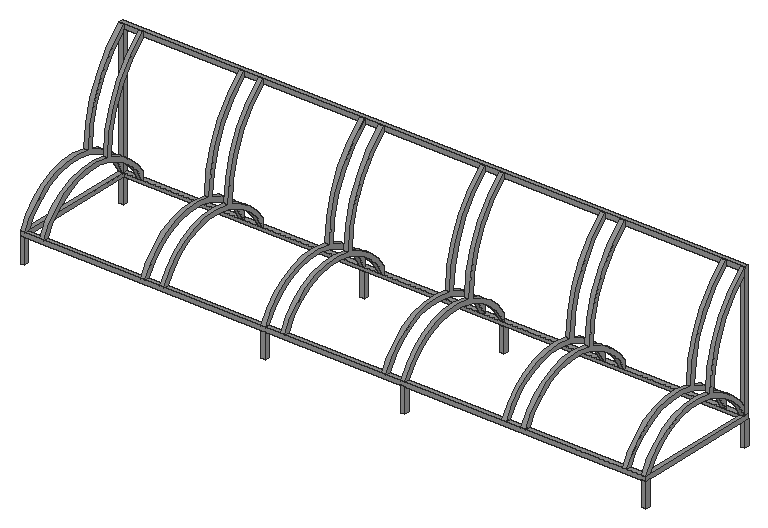
Revit family "8480 Велопарковка VELO-4 Хоббика", category Антураж, Revit 2018
Family settings
  На основе рабочей плоскости = Нет
  Всегда вертикально = Да
  При загрузке вырезать с полостями = Нет
  Источник визуального образа = Геометрия семейства
  Общий = Нет
  Точка расчета площади = Нет
Parameters (values of type "6 мест")
  Ширина = 600 mm  # constant formula
  Цвет каркаса = Сталь
  Описание = if([4 места], "Велопарковка VELO-4. Версия 4 места", "Велопарковка VELO-4. Версия 6 мест")  # "Велопарковка VELO-4. Версия 6 мест"
  Материал изделия = "Сталь"  # constant formula
  Кол-во мест = if([4 места], 4, 6)  # 6
  Изображение типоразмера = Велопарковка VELO-4 Арт 8480.jpg
  Изготовитель = "ООО «Хоббика»"  # constant formula
  Длина = if([4 места], 1850 mm, 2935 mm)  # 2935 mm
  Группа модели = "Велопарковки"  # constant formula
  Высота = 760 mm  # constant formula
  Артикул товара = "Арт. 8480"  # constant formula
  URL = "https://hobbyka.ru/product/veloparkovka_velo4_na_4_mesta/"
  6 мест = not([4 места])  # yes
  4 места = no
Types (3, lengths in mm): name | Описание | Кол-во мест | Длина | 6 мест | 4 места
  (no name) | "Велопарковка VELO-4. Версия 6 мест" | 6 | 2935 | yes | no
  4 места | "Велопарковка VELO-4. Версия 4 места" | 4 | 1850 | no | yes
  6 мест | "Велопарковка VELO-4. Версия 6 мест" | 6 | 2935 | yes | no
Reference planes
  plane 1 "По центру (Вперед/Назад)": y = 0
  plane 2: z = 0
  plane 3 "По центру (Влево/Вправо)": x = 0
  plane 4: x = 2935
  plane 5: y = 600
  plane 6: z = 760
Forms (mm)
  Extrusion 1, solid, material "Сталь" <- "Цвет каркаса"
    sketch origin (0, 0, 0) x (1, 0, 0) y (0, 1, 0)
      loop
        line (0, 600) -> (0, 0) -> (2935, 0) -> (2935, 600) -> (0, 600)
      loop
        line (20, 580) -> (20, 20) -> (2915, 20) -> (2915, 580) -> (20, 580)
    from 115 to 135
  Extrusion 2, solid, material "Сталь" <- "Цвет каркаса"
    sketch origin (0, 0, 0) x (1, 0, 0) y (0, 1, 0)
      loop
        line (20, 580) -> (20, 600) -> (0, 600) -> (0, 580) -> (20, 580)
      loop
        line (20, 20) -> (0, 20) -> (0, 0) -> (20, 0) -> (20, 20)
      loop
        line (2915, 580) -> (2935, 580) -> (2935, 600) -> (2915, 600) -> (2915, 580)
      loop
        line (2915, 20) -> (2915, 0) -> (2935, 0) -> (2935, 20) -> (2915, 20)
    from 0 to 115
  Extrusion 3, solid, material "Сталь" <- "Цвет каркаса", visible <- "6 мест"
    sketch origin (0, 0, 0) x (1, 0, 0) y (0, 1, 0)
      loop
        line (1150, 580) -> (1150, 600) -> (1130, 600) -> (1130, 580) -> (1150, 580)
      loop
        line (1150, 20) -> (1130, 20) -> (1130, 0) -> (1150, 0) -> (1150, 20)
      loop
        line (1805, 580) -> (1805, 600) -> (1785, 600) -> (1785, 580) -> (1805, 580)
      loop
        line (1805, 20) -> (1785, 20) -> (1785, 0) -> (1805, 0) -> (1805, 20)
    from 0 to 115
  Extrusion 4, solid, material "Сталь" <- "Цвет каркаса"
    sketch origin (0, 0, 0) x (1, 0, 0) y (0, 0, 1)
      loop
        line (0, 760) -> (0, 135) -> (20, 135) -> (20, 740) -> (2915, 740) -> (2915, 135) -> (2935, 135) -> (2935, 760) -> (0, 760)
    from -600 to -580
Dimensions and locks
  "Ширина": plane 5 to plane 1 "По центру (Вперед/Назад)"
  "Длина": plane 3 "По центру (Влево/Вправо)" to plane 4
  equal spacing: group 1, group 3, group 4, group 5, group 6, group 2  (x3)
  locked: plane 3 "По центру (Влево/Вправо)" to Extrusion 1 sketch curve at 20
  locked: Extrusion 1 sketch curve to plane 4 at 20
  plane 3 "По центру (Влево/Вправо)" to Extrusion 3 sketch curve to Extrusion 3 sketch curve to Extrusion 3 sketch curve to Extrusion 3 sketch curve = 1130 mm locked, 20 mm locked, 635 mm locked, 20 mm locked  (x2)
  "Высота": plane 6 to plane 2
  locked: plane 4 to Extrusion 4 sketch curve at 20
  aligned and locked: level to plane 2
  aligned and locked: plane 1 "По центру (Вперед/Назад)" to nested 1
  aligned and locked: plane 3 "По центру (Влево/Вправо)" to nested 1
  aligned and locked: plane 4 to nested 2
  aligned and locked: Extrusion 2 to Extrusion 1  (x6)
  aligned and locked: Extrusion 4 sketch curve to plane 3 "По центру (Влево/Вправо)"
  aligned and locked: Extrusion 4 sketch curve to plane 4
  aligned and locked: Extrusion 4 sketch curve to plane 6
Automatic sketch dimensions
  plane 1 "По центру (Вперед/Назад)" to Extrusion 1 sketch curve = 0 mm
  Extrusion 1 sketch curve to plane 3 "По центру (Влево/Вправо)" = 0 mm
  Extrusion 1 sketch curve to plane 4 = 0 mm
  Extrusion 1 sketch curve to plane 5 = 0 mm
  Extrusion 1 sketch curve to plane 5 = 20 mm
  Extrusion 1 sketch curve to plane 1 "По центру (Вперед/Назад)" = 20 mm
  plane 1 "По центру (Вперед/Назад)" to Extrusion 2 sketch curve = 0 mm  (x2)
  Extrusion 2 sketch curve to plane 3 "По центру (Влево/Вправо)" = 0 mm  (x2)
  Extrusion 2 sketch curve to plane 5 = 0 mm  (x2)
  Extrusion 2 sketch curve to plane 4 = 0 mm  (x2)
  plane 3 "По центру (Влево/Вправо)" to Extrusion 2 sketch curve = 20 mm  (x2)
  Extrusion 2 sketch curve to plane 4 = 20 mm  (x2)
  Extrusion 2 sketch curve to plane 1 "По центру (Вперед/Назад)" = 20 mm  (x2)
  Extrusion 2 sketch curve to plane 5 = 20 mm  (x2)
  plane 1 "По центру (Вперед/Назад)" to Extrusion 3 sketch curve = 0 mm  (x2)
  Extrusion 3 sketch curve to plane 5 = 0 mm
  plane 5 to Extrusion 3 sketch curve = 0 mm
  Extrusion 3 sketch curve to plane 5 = 20 mm  (x2)
  Extrusion 3 sketch curve to plane 1 "По центру (Вперед/Назад)" = 20 mm  (x2)
  plane 3 "По центру (Влево/Вправо)" to Extrusion 4 sketch curve = 20 mm
  Extrusion 4 sketch curve to plane 6 = 20 mm
  level to Extrusion 4 sketch curve = 135 mm  (x2)
Nested families
  nested 1: "Велопарковка VELO-4 8480 стойка" at (0, 0, 0), type "Велопарковка VELO-4 8480 стойка"
  nested 2: "Велопарковка VELO-4 8480 стойка" at (2825, 0, 0), type "Велопарковка VELO-4 8480 стойка"
  nested 3: "Велопарковка VELO-4 8480 стойка" at (565, 0, 0), type "Велопарковка VELO-4 8480 стойка"
  nested 4: "Велопарковка VELO-4 8480 стойка" at (1130, 0, 0), type "Велопарковка VELO-4 8480 стойка"
  nested 5: "Велопарковка VELO-4 8480 стойка" at (1695, 0, 0), type "Велопарковка VELO-4 8480 стойка"
  nested 6: "Велопарковка VELO-4 8480 стойка" at (2260, 0, 0), type "Велопарковка VELO-4 8480 стойка"
Definition of nested family "Велопарковка VELO-4 8480 стойка"
  Parameters (values of type "Велопарковка VELO-4 8480 стойка")
    Цвет каркаса = none
    Height = 0 mm
  Reference planes
    plane 1 "По центру (Вперед/Назад)": y = 0
    plane 2: z = 0
    plane 3 "По центру (Влево/Вправо)": x = 0
    plane 4: y = 600
    plane 5: z = 760
    plane 6: x = 110
  Forms (mm)
    Extrusion 1, solid, material <- "Цвет каркаса"
      sketch origin (0, 0, 0) x (0, 1, 0) y (0, 0, 1)
        loop
          arc (580, 172.165) -> (500.127, 259.914) -> (394.379, 313.739) r 330
          arc (394.379, 313.739) -> (442.216, 543.494) -> (580, 733.472) r 560
          line (580, 733.472) -> (580, 760)
          arc (580, 760) -> (428.711, 562.121) -> (374.374, 319.033) r 580
          arc (374.374, 319.033) -> (154.419, 293.675) -> (0, 135) r 330
          line (0, 135) -> (22.151, 135)
          arc (22.151, 135) -> (300, 307.523) -> (577.849, 135) r 310
          line (577.849, 135) -> (580, 135) -> (580, 172.165)
      from 0 to 20
    Extrusion 2, solid, material <- "Цвет каркаса"
      sketch origin (0, 0, 0) x (0, 1, 0) y (0, 0, 1)
        loop
          arc (580, 172.165) -> (500.127, 259.914) -> (394.379, 313.739) r 330
          arc (394.379, 313.739) -> (442.216, 543.494) -> (580, 733.472) r 560
          line (580, 733.472) -> (580, 760)
          arc (580, 760) -> (428.711, 562.121) -> (374.374, 319.033) r 580
          arc (374.374, 319.033) -> (154.419, 293.675) -> (0, 135) r 330
          line (0, 135) -> (22.151, 135)
          arc (22.151, 135) -> (300, 307.523) -> (577.849, 135) r 310
          line (577.849, 135) -> (580, 135) -> (580, 172.165)
      from 90 to 110
  Dimensions and locks
    aligned and locked: level to plane 2
